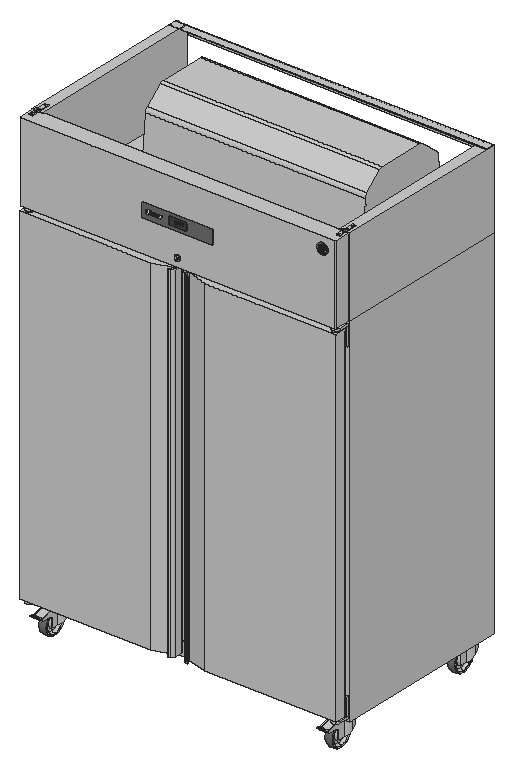
Revit family "QF_HOSHIZAKI_131142090", category Specialty Equipment, Revit 2016
Family settings
  Part Type = Normal
  Round Connector Dimension = Use Diameter
  OmniClass Number = 23.40.40.14
  OmniClass Title = Food Service Equipment
  Work Plane-Based = No
  Always vertical = Yes
  Cut with Voids When Loaded = No
  Shared = No
  Room Calculation Point = No
Parameters (values of type "131142090_230V/1Ph/50Hz")
  Weight = 183.00 kg
  Volts = 230 V
  URL Cutsheet = ""
  URL = "www.hoshizaki-europe.com"
  Status [instance] = ""
  Specification by User [instance] = ""
  Specification by Manufacturer [instance] = ""
  Serial Number = ""
  Seismic Rating = ""
  SMACNA No = ""
  Revision Code [instance] = ""
  Phase = 1
  Number of Poles = 2
  NAFEM Spec ID Number = ""
  Model = "ADVANCE K 140-4 C U"
  Min Ckt Ampacity = 0 A
  Max Overcurrent Protection = 0 A
  Masterspec = ""
  Manufacturer = "HOSHIZAKI"
  Length Actual = 1344 mm
  Item Number [instance] = ""
  Installed By [instance] = ""
  Identify Quantity as Lot [instance] = no
  Height Actual = 2000 mm
  HP power = ""
  Furnished By [instance] = ""
  Foodservice Equipment Identifier [instance] = yes
  FL Amps = 11.04 A
  Electric power = 2540 W
  Electric Connection Type [instance] = ""
  Elec Conn RI Height [instance] = 0 mm
  Elec Conn Connection Height [instance] = 1550 mm
  Description = "ADVANCE DOUBLE DOOR REFRIGERATOR, 2/1 GN DEEP, AISI430 STAINLESS STEEL EXTERIOR AND INTERIOR, HC NATURAL REFRIGERANT, CASTORS"
  Depth Actual = 830 mm
  Cycle = 50 Hz
  Cost = 0
  Conn Plug = ""
  Conn Conduit = no
  CSI MasterFormat = ""
  Assembly Code = "E1090320"
  Apparent Power = 2540 VA
  Accessory = no
Reference planes
  plane 1 "Center (Front/Back)": y = 0
  plane 2: z = 0
  plane 3 "Center (Left/Right)": x = 0
Forms (mm)
  Extrusion 1, solid, not visible
    sketch origin (1314, -2, 1674) x (1, 0, 0) y (0, 1, 0)
      loop
        line (0, 0) -> (2, 0) -> (2, 2) -> (0, 2) -> (0, 0)
    from 0 to 2
Dimensions and locks
  aligned and locked: level to plane 2
Nested families
  nested 1: "QF_HOSHIZAKI_131142090_230V_1Ph_50Hz" at (0, 0, 125), type "131142090_230V/1Ph/50Hz"
    with Show Logo yes, Show Clearance yes
  nested 2: "QF_HOSHIZAKI_PRE_ADV_CASTORS" at (0, 0, 0), type "760660022-1344X830"
Connectors
  electrical at (1315, 0, 1675), driven by "Apparent Power", driven by "Number of Poles", driven by "Volts"
    settings: on Extrusion 1, index 1, voltage 230 V, apparent load 0 VA, apparent load phase1 2540 VA, apparent load phase2 0 VA, apparent load phase3 0 VA, power factor 1, load classification "Other", number of poles 2, system type 31, power factor state 1, is connector primary yes, connector utility no, sub classification motor no, connector description "Electric connection for '131142090'"
Definition of nested family "QF_HOSHIZAKI_131142090_230V_1Ph_50Hz"
  Parameters (values of type "131142090_230V/1Ph/50Hz")
    URL = "www.hoshizaki-europe.com"
    Show Logo [instance] = yes
    Show Clearance [instance] = yes
    Model = "ADVANCE K 140-4 C U"
    Manufacturer = "HOSHIZAKI"
    Description = "ADVANCE DOUBLE DOOR REFRIGERATOR, 2/1 GN DEEP, AISI 304 STAINLESS STEEL EXTERIOR AND INTERIOR, HC NATURAL REFRIGERANT, CASTORS"
    Assembly Code = "E1090320"
  Types (6, lengths in mm): name | Model | Description
    131141070 | "ADVANCE K 140-4 L" | "ADVANCE DOUBLE DOOR REFRIGERATOR, 2/1 GN DEEP, AISI 304 STAINLESS STEEL EXTERIOR AND INTERIOR, HC NATURAL REFRIGERANT, LEGS"
    133141070 | "ADVANCE F 140-4 L" | "ADVANCE DOUBLE DOOR FREEZER, 2/1 DEEP, AISI 304 STAINLESS STEEL EXTERIOR AND INTERIOR, HC NATURAL REFRIGERANT, LEGS"
    123142070 | "ADVANCE F 140-3 C" | "ADVANCE DOUBLE DOOR FREEZER, 2/1 DEEP, AISI 403 STAINLESS STEEL EXTERIOR AND INTERIOR, HC NATURAL REFRIGERANT, CASTORS"
    131142090_230V/1Ph/50Hz | "ADVANCE K 140-4 C U" | "ADVANCE DOUBLE DOOR REFRIGERATOR, 2/1 GN DEEP, AISI 304 STAINLESS STEEL EXTERIOR AND INTERIOR, HC NATURAL REFRIGERANT, CASTORS"
    133142090 | "ADVANCE F 140-4 C U" | "ADVANCE DOUBLE DOOR FREEZER, 2/1 DEEP, AISI 304 STAINLESS STEEL EXTERIOR AND INTERIOR, HC NATURAL REFRIGERANT, CASTORS"
    12142070 | "ADVANCE K 140-3 C" | "ADVANCE DOUBLE DOOR REFRIGERATOR, 2/1 GN DEEP, AISI 403 STAINLESS STEEL EXTERIOR AND INTERIOR, HC NATURAL REFRIGERANT, CASTORS"
  Reference planes
    plane 1 "Back": y = 0
    plane 2: z = 0
    plane 3 "Left": x = 0
    plane 4 "Right": x = 1344
    plane 5 "Front": y = -830.03
    plane 6 "Top": z = 1850
  Forms (mm)
    Extrusion 1, solid
      sketch origin (653.43, 17.68, 1850) x (1, 0, 0) y (0, 1, 0)
        loop
          line (675.57, -773.038) -> (675.57, -726.21) -> (660.57, -726.21) -> (660.57, -773.038) -> (675.57, -773.038)
        loop
          circle (668.07, -734.247) r 1.711
        loop
          circle (668.07, -765.001) r 1.711
      from 0 to 2
    Extrusion 2, solid
      sketch origin (653.43, -41.179, 1850) x (1, 0, 0) y (0, 1, 0)
        loop
          line (675.57, -752.351) -> (675.57, -720.851) -> (660.57, -720.851) -> (660.57, -752.351) -> (675.57, -752.351)
        loop
          circle (668.07, -727.851) r 1.711
        loop
          circle (668.07, -745.351) r 1.711
      from 0 to 2
    Extrusion 3, solid
      sketch origin (1314, 17.68, -100.1) x (0, 1, 0) y (0, 0, 1)
        loop
          arc (-776.21, 1952.1) -> (-777.016, 1954.865) -> (-774.851, 1952.966) r 1.5
          line (-774.851, 1952.966) -> (-772.968, 1952.281)
          arc (-772.968, 1952.281) -> (-778.164, 1956.504) -> (-776.21, 1950.1) r 3.5
          line (-776.21, 1950.1) -> (-773.038, 1950.1) -> (-773.038, 1952.1) -> (-776.21, 1952.1)
      from 0 to 15
    Extrusion 4, solid
      sketch origin (-645.57, 17.68, 1850) x (1, 0, 0) y (0, 1, 0)
        loop
          line (675.57, -773.038) -> (675.57, -726.21) -> (660.57, -726.21) -> (660.57, -773.038) -> (675.57, -773.038)
        loop
          circle (668.07, -734.247) r 1.711
        loop
          circle (668.07, -765.001) r 1.711
      from 0 to 2
    Extrusion 5, solid
      sketch origin (-645.57, -41.179, 1850) x (1, 0, 0) y (0, 1, 0)
        loop
          line (675.57, -752.351) -> (675.57, -720.851) -> (660.57, -720.851) -> (660.57, -752.351) -> (675.57, -752.351)
        loop
          circle (668.07, -727.851) r 1.711
        loop
          circle (668.07, -745.351) r 1.711
      from 0 to 2
    Extrusion 6, solid
      sketch origin (15, 17.68, -100.1) x (0, 1, 0) y (0, 0, 1)
        loop
          arc (-776.21, 1952.1) -> (-777.016, 1954.865) -> (-774.851, 1952.966) r 1.5
          line (-774.851, 1952.966) -> (-772.968, 1952.281)
          arc (-772.968, 1952.281) -> (-778.164, 1956.504) -> (-776.21, 1950.1) r 3.5
          line (-776.21, 1950.1) -> (-773.038, 1950.1) -> (-773.038, 1952.1) -> (-776.21, 1952.1)
      from 0 to 15
    Extrusion 7, solid
      sketch origin (0, 0, -100) x (0, 1, 0) y (0, 0, 1)
        loop
          line (-760.03, 1617.5) -> (0, 1617.5) -> (0, 1948.5)
          arc (0, 1948.5) -> (-0.439, 1949.561) -> (-1.5, 1950) r 1.5
          line (-1.5, 1950) -> (-759.38, 1950)
          arc (-759.38, 1950) -> (-759.84, 1949.81) -> (-760.03, 1949.35) r 0.65
          line (-760.03, 1949.35) -> (-760.03, 1617.5)
      from 0 to 45
    Extrusion 8, solid
      sketch origin (1299, 0, -100) x (0, 1, 0) y (0, 0, 1)
        loop
          line (-760.03, 1617.5) -> (0, 1617.5) -> (0, 1948.5)
          arc (0, 1948.5) -> (-0.439, 1949.561) -> (-1.5, 1950) r 1.5
          line (-1.5, 1950) -> (-759.38, 1950)
          arc (-759.38, 1950) -> (-759.84, 1949.81) -> (-760.03, 1949.35) r 0.65
          line (-760.03, 1949.35) -> (-760.03, 1617.5)
      from 0 to 45
    Extrusion 9, solid
      sketch origin (0, 1.5, -100.1) x (0, 1, 0) y (0, 0, 1)
        loop
          line (-1.51, 1951.6) -> (-38.51, 1951.6) -> (-38.51, 1950.1) -> (-3, 1950.1)
          arc (-3, 1950.1) -> (-1.939, 1949.661) -> (-1.5, 1948.6) r 1.5
          line (-1.5, 1948.6) -> (-1.5, 1914.7) -> (0, 1914.7) -> (0, 1950.09)
          arc (0, 1950.09) -> (-0.442, 1951.158) -> (-1.51, 1951.6) r 1.51
      from 1.06 to 1343.06
    Extrusion 10, solid
      sketch origin (0, 17.57, 1849.9) x (1, 0, 0) y (0, 1, 0)
        loop
          line (4.5, -778.8) -> (4.5, -842.7)
          arc (4.5, -842.7) -> (5.935, -846.165) -> (9.4, -847.6) r 4.9
          line (9.4, -847.6) -> (1334.6, -847.6)
          arc (1334.6, -847.6) -> (1338.065, -846.165) -> (1339.5, -842.7) r 4.9
          line (1339.5, -842.7) -> (1339.5, -778.8)
          arc (1339.5, -778.8) -> (1339.149, -777.951) -> (1338.3, -777.6) r 1.2
          line (1338.3, -777.6) -> (5.7, -777.6)
          arc (5.7, -777.6) -> (4.851, -777.951) -> (4.5, -778.8) r 1.2
      from -332.4 to 0.1
    Extrusion 11, solid
      sketch origin (0, 0, -100) x (1, 0, 0) y (0, 0, 1)
        loop
          line (45, 1638.52) -> (45, 1617.5) -> (1299, 1617.5) -> (1299, 1638.52) -> (45, 1638.52)
      from 0 to 760.03
    Extrusion 12, solid
      sketch origin (0, 0, 0) x (1, 0, 0) y (0, 0, 1)
        loop
          line (0, 1517.5) -> (0, 0) -> (1344, 0) -> (1344, 1517.5) -> (0, 1517.5)
        loop
          line (60, 1457.5) -> (60, 60) -> (1284, 60) -> (1284, 1457.5) -> (60, 1457.5)
      from 0 to 760.03
    Extrusion 13, solid
      sketch origin (0, 0, 0) x (1, 0, 0) y (0, 0, 1)
        loop
          line (60, 60) -> (1284, 60) -> (1284, 1457.5) -> (60, 1457.5) -> (60, 60)
      from 0 to 45
    Extrusion 14, solid
      sketch origin (0, -660.03, 0) x (1, 0, 0) y (0, 0, 1)
        loop
          line (630, 1457.5) -> (630, 60) -> (714, 60) -> (714, 1457.5) -> (630, 1457.5)
      from 0 to 100
    Extrusion 15, solid
      sketch origin (672, -795.027, 27.1) x (-1, 0, 0) y (0, 0, -1)
        loop
          line (637.933, -1453.343) -> (637.933, -14.657) -> (53.047, -14.657) -> (53.047, -1453.343) -> (637.933, -1453.343)
        loop
          line (73.047, -1433.343) -> (617.933, -1433.343) -> (617.933, -34.657) -> (73.047, -34.657) -> (73.047, -1433.343)
      from -34.997 to -15.007
    Extrusion 16, solid
      sketch origin (686.75, -756.398, 1495.1) x (-1, 0, 0) y (0, -1, 0)
        loop
          line (646.35, 3.632) -> (678.35, 3.632) -> (678.35, 45.629)
          arc (678.35, 45.629) -> (662.35, 61.629) -> (646.35, 45.629) r 16
          line (646.35, 45.629) -> (646.35, 3.632)
        loop
          circle (662.35, 45.629) r 5
      from 2.9 to 9.9
    Extrusion 17, solid
      sketch origin (686.75, -757.401, -74.9) x (0, 1, 0) y (0, 0, -1)
        loop
          line (-9.129, -1500.199) -> (-9.129, -1572.9) -> (-2.629, -1572.9) -> (-2.629, -1493.9) -> (-4.629, -1493.9) -> (-9.129, -1500.199)
      from 646.35 to 678.35
    Extrusion 18, solid
      sketch origin (686.75, -756.398, 1495.1) x (-1, 0, 0) y (0, -1, 0)
        loop
          circle (662.35, 45.629) r 16
      from 0 to 2.9
    Extrusion 19, solid
      sketch origin (686.75, -756.398, 1495.1) x (-1, 0, 0) y (0, -1, 0)
        loop
          circle (662.35, 45.629) r 5
      from 0 to 9.9
    Extrusion 20, solid
      sketch origin (686.75, -756.398, 25.1) x (-1, 0, 0) y (0, -1, 0)
        loop
          line (602.25, 32.879) -> (677.25, 32.879) -> (677.25, 58.379) -> (602.25, 58.379) -> (602.25, 32.879)
        loop
          circle (636.875, 45.629) r 5
        loop
          circle (611.525, 45.629) r 5
      from 0 to 2
    Extrusion 21, solid
      sketch origin (686.75, -756.398, 7.1) x (0, 1, 0) y (-1, 0, 0)
        loop
          line (-3.632, 646.35) -> (-3.632, 678.35) -> (-45.629, 678.35)
          arc (-45.629, 678.35) -> (-61.629, 662.35) -> (-45.629, 646.35) r 16
          line (-45.629, 646.35) -> (-3.632, 646.35)
        loop
          circle (-45.629, 662.35) r 5
      from 2.9 to 9.9
    Extrusion 22, solid
      sketch origin (686.75, -757.401, 1589.9) x (0, 1, 0) y (0, 0, -1)
        loop
          line (-9.129, 1500.199) -> (-4.629, 1493.9) -> (-2.629, 1493.9) -> (-2.629, 1572.9) -> (-9.129, 1572.9) -> (-9.129, 1500.199)
      from 646.35 to 678.35
    Extrusion 23, solid
      sketch origin (686.75, -756.398, 9) x (0, 1, 0) y (-1, 0, 0)
        loop
          circle (-45.629, 662.35) r 5
      from 0 to 16.1
    Extrusion 24, solid
      sketch origin (774.882, -873.184, 27.1) x (-1, 0, 0) y (0, -1, 0)
        loop
          arc (769.772, -93.164) -> (770.203, -92.985) -> (770.382, -92.554) r 0.61
          line (770.382, -92.554) -> (770.382, -43.764)
          arc (770.382, -43.764) -> (770.203, -43.333) -> (769.772, -43.154) r 0.61
          line (769.772, -43.154) -> (216.079, -43.154) -> (127.057, -70.711) -> (127.057, -60.1)
          arc (127.057, -60.1) -> (129.536, -52.667) -> (135.929, -48.138) r 12.598
          line (135.929, -48.138) -> (143.363, -45.837)
          arc (143.363, -45.837) -> (143.923, -44.774) -> (142.86, -44.213) r 0.85
          line (142.86, -44.213) -> (135.209, -46.581)
          arc (135.209, -46.581) -> (128.081, -51.647) -> (125.349, -59.955) r 14
          line (125.349, -59.955) -> (125.349, -92.354)
          arc (125.349, -92.354) -> (125.586, -92.927) -> (126.159, -93.164) r 0.81
          line (126.159, -93.164) -> (769.772, -93.164)
      from 0 to 1468
    Extrusion 25, solid
      sketch origin (672, -795.027, 27.1) x (1, 0, 0) y (0, 0, 1)
        loop
          line (637.933, 1453.343) -> (53.047, 1453.343) -> (53.047, 14.657) -> (637.933, 14.657) -> (637.933, 1453.343)
        loop
          line (73.047, 1433.343) -> (73.047, 34.657) -> (617.933, 34.657) -> (617.933, 1433.343) -> (73.047, 1433.343)
      from -34.997 to -15.007
    Extrusion 26, solid
      sketch origin (657.25, -756.398, 1495.1) x (1, 0, 0) y (0, 1, 0)
        loop
          line (646.35, -3.632) -> (646.35, -45.629)
          arc (646.35, -45.629) -> (662.35, -61.629) -> (678.35, -45.629) r 16
          line (678.35, -45.629) -> (678.35, -3.632) -> (646.35, -3.632)
        loop
          circle (662.35, -45.629) r 5
      from 2.9 to 9.9
    Extrusion 27, solid
      sketch origin (657.25, -757.401, -74.9) x (0, 1, 0) y (0, 0, 1)
        loop
          line (-9.129, 1500.199) -> (-4.629, 1493.9) -> (-2.629, 1493.9) -> (-2.629, 1572.9) -> (-9.129, 1572.9) -> (-9.129, 1500.199)
      from 646.35 to 678.35
    Extrusion 28, solid
      sketch origin (657.25, -756.398, 1495.1) x (1, 0, 0) y (0, 1, 0)
        loop
          circle (662.35, -45.629) r 16
      from 0 to 2.9
    Extrusion 29, solid
      sketch origin (657.25, -756.398, 1495.1) x (1, 0, 0) y (0, 1, 0)
        loop
          circle (662.35, -45.629) r 5
      from 0 to 9.9
    Extrusion 30, solid
      sketch origin (657.25, -756.398, 25.1) x (1, 0, 0) y (0, 1, 0)
        loop
          line (602.25, -32.879) -> (602.25, -58.379) -> (677.25, -58.379) -> (677.25, -32.879) -> (602.25, -32.879)
        loop
          circle (636.875, -45.629) r 5
        loop
          circle (611.525, -45.629) r 5
      from 0 to 2
    Extrusion 31, solid
      sketch origin (657.25, -756.398, 7.1) x (0, -1, 0) y (1, 0, 0)
        loop
          line (3.632, 646.35) -> (45.629, 646.35)
          arc (45.629, 646.35) -> (61.629, 662.35) -> (45.629, 678.35) r 16
          line (45.629, 678.35) -> (3.632, 678.35) -> (3.632, 646.35)
        loop
          circle (45.629, 662.35) r 5
      from 2.9 to 9.9
    Extrusion 32, solid
      sketch origin (657.25, -757.401, 1589.9) x (0, 1, 0) y (0, 0, 1)
        loop
          line (-9.129, -1500.199) -> (-9.129, -1572.9) -> (-2.629, -1572.9) -> (-2.629, -1493.9) -> (-4.629, -1493.9) -> (-9.129, -1500.199)
      from 646.35 to 678.35
    Extrusion 33, solid
      sketch origin (657.25, -756.398, 9) x (0, -1, 0) y (1, 0, 0)
        loop
          circle (45.629, 662.35) r 5
      from 0 to 16.1
    Extrusion 34, solid
      sketch origin (569.118, -873.184, 27.1) x (1, 0, 0) y (0, 1, 0)
        loop
          line (769.772, 93.164) -> (126.159, 93.164)
          arc (126.159, 93.164) -> (125.586, 92.927) -> (125.349, 92.354) r 0.81
          line (125.349, 92.354) -> (125.349, 59.955)
          arc (125.349, 59.955) -> (128.081, 51.647) -> (135.209, 46.581) r 14
          line (135.209, 46.581) -> (142.86, 44.213)
          arc (142.86, 44.213) -> (143.923, 44.774) -> (143.363, 45.837) r 0.85
          line (143.363, 45.837) -> (135.929, 48.138)
          arc (135.929, 48.138) -> (129.536, 52.667) -> (127.057, 60.1) r 12.598
          line (127.057, 60.1) -> (127.057, 70.711) -> (216.079, 43.154) -> (769.772, 43.154)
          arc (769.772, 43.154) -> (770.203, 43.333) -> (770.382, 43.764) r 0.61
          line (770.382, 43.764) -> (770.382, 92.554)
          arc (770.382, 92.554) -> (770.203, 92.985) -> (769.772, 93.164) r 0.61
      from 0 to 1468
    Extrusion 35, solid
      sketch origin (-12.78, 0, -100) x (0, 1, 0) y (0, 0, 1)
        loop
          arc (-113.281, 1932.651) -> (-120.8, 1936.992) -> (-129.35, 1938.5) r 25
          line (-129.35, 1938.5) -> (-324.65, 1938.5)
          arc (-324.65, 1938.5) -> (-333.2, 1936.992) -> (-340.719, 1932.651) r 25
          line (-340.719, 1932.651) -> (-408.922, 1875.423)
          arc (-408.922, 1875.423) -> (-415.027, 1867.815) -> (-417.757, 1858.45) r 25
          line (-417.757, 1858.45) -> (-436.998, 1638.52) -> (-17.002, 1638.52) -> (-36.243, 1858.45)
          arc (-36.243, 1858.45) -> (-38.973, 1867.815) -> (-45.078, 1875.423) r 25
          line (-45.078, 1875.423) -> (-113.281, 1932.651)
      from 219.97 to 1149.59
    Extrusion 36, solid, visible <- "Show Logo"
      sketch origin (1743.884, -828.53, -60.1) x (-1, 0, 0) y (0, 0, -1)
        loop
          circle (459.884, -1862.5) r 13.99
      from 0 to 2.5
    Extrusion 37, solid, visible <- "Show Logo"
      sketch origin (1743.884, -829.03, -60.1) x (-1, 0, 0) y (0, 0, -1)
        loop
          circle (459.884, -1862.5) r 15
        loop
          arc (446.884, -1862.5) -> (460.705, -1875.474) -> (472.781, -1860.863) r 13
          line (472.781, -1860.863) -> (470.355, -1858.437) -> (469.346, -1862.201) -> (466.355, -1863.928) -> (465.024, -1865.26) -> (463.375, -1865.26) -> (462.04, -1870.241) -> (457.755, -1870.241) -> (459.339, -1867.979) -> (460.402, -1864.014) -> (461.224, -1860.945) -> (462.416, -1856.497) -> (461.216, -1855.297) -> (459.433, -1857.843) -> (455.784, -1851.523) -> (460.361, -1851.523) -> (461.471, -1853.446) -> (469.213, -1853.446)
          arc (469.213, -1853.446) -> (460.394, -1849.51) -> (451.293, -1852.743) r 13
          line (451.293, -1852.743) -> (455.577, -1853.891) -> (453.752, -1856.497) -> (455.349, -1856.497) -> (454.477, -1866.459) -> (452.538, -1866.459) -> (446.884, -1862.5)
        loop
          line (447.853, -1857.467) -> (452.313, -1861.926) -> (450.144, -1853.891)
          arc (450.144, -1853.891) -> (448.878, -1855.602) -> (447.853, -1857.467) r 15.828
        loop
          line (463.583, -1862.877) -> (466.64, -1862.399) -> (464.901, -1861.285) -> (463.583, -1857.664) -> (463.583, -1862.877)
        loop
          line (464.827, -1855.979) -> (468.296, -1856.908) -> (469.573, -1854.916) -> (468.881, -1854.224) -> (467.914, -1855.035) -> (464.827, -1855.979)
        loop
          line (462.609, -1872.307) -> (462.609, -1874.009) -> (464.927, -1873.388) -> (462.609, -1872.307)
        loop
          line (460.361, -1874.662) -> (459.594, -1873.335) -> (460.801, -1872.638) -> (459.186, -1872.205) -> (458.298, -1874.11) -> (460.361, -1874.662)
        loop
          line (459.623, -1846.783) -> (460.706, -1845.701) -> (462.247, -1845.701) -> (461.191, -1844.645) -> (461.503, -1842.874) -> (459.623, -1843.959) -> (457.743, -1842.874) -> (458.055, -1844.645) -> (456.999, -1845.701) -> (458.54, -1845.701) -> (459.623, -1846.783)
        loop
          line (446.86, -1853.7) -> (446.594, -1852.191) -> (447.478, -1850.929) -> (446.007, -1851.188) -> (444.736, -1849.917) -> (444.547, -1852.08) -> (442.579, -1852.997) -> (444.209, -1853.757) -> (444.468, -1855.228) -> (445.352, -1853.965) -> (446.86, -1853.7)
        loop
          line (452.395, -1848.68) -> (452.856, -1847.219) -> (454.223, -1846.508) -> (452.799, -1846.059) -> (452.258, -1844.344) -> (451.091, -1846.175) -> (448.922, -1846.08) -> (450.017, -1847.507) -> (449.568, -1848.931) -> (450.935, -1848.219) -> (452.395, -1848.68)
        loop
          line (472.909, -1853.7) -> (474.417, -1853.965) -> (475.301, -1855.228) -> (475.56, -1853.757) -> (477.19, -1852.997) -> (475.222, -1852.08) -> (475.033, -1849.917) -> (473.761, -1851.188) -> (472.291, -1850.929) -> (473.175, -1852.191) -> (472.909, -1853.7)
        loop
          line (467.374, -1848.68) -> (468.834, -1848.219) -> (470.201, -1848.931) -> (469.752, -1847.507) -> (470.847, -1846.08) -> (468.678, -1846.175) -> (467.511, -1844.344) -> (466.97, -1846.059) -> (465.546, -1846.508) -> (466.913, -1847.219) -> (467.374, -1848.68)
      from 0 to 2.5
    Extrusion 38, solid, visible <- "Show Logo"
      sketch origin (1743.884, -829.03, -60.1) x (-1, 0, 0) y (0, 0, -1)
        loop
          line (462.609, -1874.009) -> (462.609, -1872.307) -> (462.085, -1870.241) -> (457.755, -1870.241) -> (459.339, -1867.979) -> (462.416, -1856.497) -> (461.216, -1855.297) -> (459.433, -1857.843) -> (455.808, -1851.565) -> (453.948, -1851.565) -> (455.577, -1853.891) -> (454.477, -1866.459) -> (456.345, -1871.339)
          arc (456.345, -1871.339) -> (456.868, -1874.025) -> (459.213, -1875.435) r 3.366
          arc (459.213, -1875.435) -> (460.198, -1875.496) -> (461.183, -1875.435) r 8.046
          line (461.183, -1875.435) -> (462.609, -1874.009)
        loop
          line (456.854, -1851.523) -> (460.361, -1851.523) -> (460.916, -1852.485) -> (462.702, -1852.485) -> (463.779, -1851.407) -> (460.623, -1851.407) -> (461.563, -1850.468) -> (456.245, -1850.468) -> (456.854, -1851.523)
        loop
          line (460.361, -1874.662) -> (459.594, -1873.335) -> (460.801, -1872.638) -> (459.186, -1872.205) -> (458.298, -1874.11) -> (460.361, -1874.662)
      from 0 to 2.5
    Extrusion 39, solid, visible <- "Show Logo"
      sketch origin (1729.5, -828.53, 1238.8) x (-1, 0, 0) y (0, 0, -1)
        loop
          circle (445.5, -563.6) r 22.5
      from 0 to 2
    Extrusion 40, solid
      sketch origin (964.076, -828.53, -100.11) x (1, 0, 0) y (0, 0, 1)
        loop
          arc (-147.076, 1752.13) -> (-143.541, 1753.594) -> (-142.076, 1757.13) r 5
          line (-142.076, 1757.13) -> (-142.076, 1807.13)
          arc (-142.076, 1807.13) -> (-143.541, 1810.666) -> (-147.076, 1812.13) r 5
          line (-147.076, 1812.13) -> (-437.076, 1812.13)
          arc (-437.076, 1812.13) -> (-440.612, 1810.666) -> (-442.076, 1807.13) r 5
          line (-442.076, 1807.13) -> (-442.076, 1757.13)
          arc (-442.076, 1757.13) -> (-440.612, 1753.594) -> (-437.076, 1752.13) r 5
          line (-437.076, 1752.13) -> (-147.076, 1752.13)
        loop
          line (-329.576, 1792.63) -> (-329.576, 1771.63)
          arc (-329.576, 1771.63) -> (-327.819, 1767.387) -> (-323.576, 1765.63) r 6
          line (-323.576, 1765.63) -> (-260.576, 1765.63)
          arc (-260.576, 1765.63) -> (-256.334, 1767.387) -> (-254.576, 1771.63) r 6
          line (-254.576, 1771.63) -> (-254.576, 1792.63)
          arc (-254.576, 1792.63) -> (-256.334, 1796.873) -> (-260.576, 1798.63) r 6
          line (-260.576, 1798.63) -> (-323.576, 1798.63)
          arc (-323.576, 1798.63) -> (-327.819, 1796.873) -> (-329.576, 1792.63) r 6
      from 0 to 2
    Extrusion 41, solid
      sketch origin (964.076, -828.53, -100.11) x (1, 0, 0) y (0, 0, 1)
        loop
          arc (-323.576, 1798.63) -> (-327.819, 1796.873) -> (-329.576, 1792.63) r 6
          line (-329.576, 1792.63) -> (-329.576, 1771.63)
          arc (-329.576, 1771.63) -> (-327.819, 1767.387) -> (-323.576, 1765.63) r 6
          line (-323.576, 1765.63) -> (-260.576, 1765.63)
          arc (-260.576, 1765.63) -> (-256.334, 1767.387) -> (-254.576, 1771.63) r 6
          line (-254.576, 1771.63) -> (-254.576, 1792.63)
          arc (-254.576, 1792.63) -> (-256.334, 1796.873) -> (-260.576, 1798.63) r 6
          line (-260.576, 1798.63) -> (-323.576, 1798.63)
      from 0 to 2
    Extrusion 42, solid
      sketch origin (964.076, -829.03, -100.11) x (1, 0, 0) y (0, 0, 1)
        loop
          line (-298.911, 1787.691) -> (-298.115, 1788.439) -> (-298.929, 1789.206) -> (-304.501, 1789.206) -> (-305.3, 1788.422) -> (-304.534, 1787.691) -> (-298.911, 1787.691)
        loop
          line (-296.938, 1787.449) -> (-297.831, 1788.111) -> (-298.725, 1787.449) -> (-298.725, 1783.432) -> (-297.831, 1782.769) -> (-296.938, 1783.432) -> (-296.938, 1787.449)
        loop
          line (-298.911, 1777.181) -> (-304.534, 1777.181) -> (-305.3, 1776.45) -> (-304.501, 1775.666) -> (-298.929, 1775.666) -> (-298.115, 1776.432) -> (-298.911, 1777.181)
        loop
          line (-296.938, 1777.423) -> (-296.938, 1781.44) -> (-297.831, 1782.103) -> (-298.725, 1781.44) -> (-298.725, 1777.423) -> (-297.831, 1776.761) -> (-296.938, 1777.423)
        loop
          line (-298.911, 1783.189) -> (-304.534, 1783.189) -> (-305.3, 1782.459) -> (-304.501, 1781.675) -> (-298.929, 1781.675) -> (-298.115, 1782.441) -> (-298.911, 1783.189)
        loop
          line (-270.911, 1787.691) -> (-270.115, 1788.439) -> (-270.929, 1789.206) -> (-276.501, 1789.206) -> (-277.3, 1788.422) -> (-276.534, 1787.691) -> (-270.911, 1787.691)
        loop
          line (-268.938, 1787.449) -> (-269.831, 1788.111) -> (-270.725, 1787.449) -> (-270.725, 1783.432) -> (-269.831, 1782.769) -> (-268.938, 1783.432) -> (-268.938, 1787.449)
        loop
          line (-268.938, 1777.423) -> (-268.938, 1781.44) -> (-269.831, 1782.103) -> (-270.725, 1781.44) -> (-270.725, 1777.423) -> (-269.831, 1776.761) -> (-268.938, 1777.423)
        loop
          line (-294.968, 1776.333) -> (-293.829, 1775.386) -> (-292.676, 1776.348) -> (-293.829, 1777.28) -> (-294.968, 1776.333)
        loop
          line (-282.911, 1777.226) -> (-288.534, 1777.226) -> (-289.3, 1776.496) -> (-288.501, 1775.712) -> (-282.929, 1775.712) -> (-282.115, 1776.478) -> (-282.911, 1777.226)
        loop
          line (-280.938, 1777.469) -> (-280.938, 1781.486) -> (-281.831, 1782.148) -> (-282.725, 1781.486) -> (-282.725, 1777.469) -> (-281.831, 1776.806) -> (-280.938, 1777.469)
        loop
          line (-282.911, 1787.737) -> (-282.115, 1788.485) -> (-282.929, 1789.251) -> (-288.501, 1789.251) -> (-289.3, 1788.467) -> (-288.534, 1787.737) -> (-282.911, 1787.737)
        loop
          line (-280.938, 1787.494) -> (-281.831, 1788.157) -> (-282.725, 1787.494) -> (-282.725, 1783.477) -> (-281.831, 1782.815) -> (-280.938, 1783.477) -> (-280.938, 1787.494)
        loop
          line (-282.911, 1781.728) -> (-282.115, 1782.476) -> (-282.929, 1783.243) -> (-288.501, 1783.243) -> (-289.3, 1782.459) -> (-288.534, 1781.728) -> (-282.911, 1781.728)
        loop
          line (-290.492, 1787.494) -> (-290.492, 1783.477) -> (-289.599, 1782.815) -> (-288.705, 1783.477) -> (-288.705, 1787.494) -> (-289.599, 1788.157) -> (-290.492, 1787.494)
      from 0 to 2
    Revolve 43, solid
      sketch origin (672, 917.57, -100.11) x (0, 1, 0) y (0, 0, 1)
        loop
          line (-1752.6, 1652.1) -> (-1747.6, 1652.1) -> (-1747.6, 1662.634)
          arc (-1747.6, 1662.634) -> (-1748.329, 1663.731) -> (-1749.631, 1663.534) r 1.226
          line (-1749.631, 1663.534) -> (-1752.6, 1660.565) -> (-1752.6, 1652.1)
        axis (-1747.6, 1652.1) -> (-1752.6, 1652.1)
      angle from 0 to 360
    Extrusion 44, void
      sketch origin (-473.06, -833.53, -101.61) x (1, 0, 0) y (0, 0, 1)
        loop
          line (1143.96, 1657.815) -> (1143.96, 1649.385) -> (1146.16, 1649.385) -> (1146.16, 1657.815) -> (1143.96, 1657.815)
      from -1.469 to 2
    Extrusion 45, solid, visible <- "Show Logo"
      sketch origin (1132.623, -829.03, -98.186) x (1, 0, 0) y (0, 0, 1)
        loop
          line (-574.302, 1788.729) -> (-583.131, 1788.729)
          arc (-583.131, 1788.729) -> (-589.303, 1787.599) -> (-594.673, 1784.355) r 17.416
          arc (-594.673, 1784.355) -> (-596.462, 1781.094) -> (-595.769, 1777.439) r 5.506
          arc (-595.769, 1777.439) -> (-593.146, 1774.866) -> (-589.587, 1773.956) r 7.07
          line (-589.587, 1773.956) -> (-587.25, 1773.956) -> (-588.248, 1771.34) -> (-581.613, 1771.34) -> (-580.432, 1773.956) -> (-571.398, 1773.956) -> (-569.064, 1779.592) -> (-566.746, 1773.956) -> (-559.715, 1773.956) -> (-557.728, 1776.29) -> (-552.838, 1776.29) -> (-551.953, 1773.956) -> (-545.563, 1773.956) -> (-543.121, 1779.778) -> (-540.707, 1773.914) -> (-533.897, 1779.586) -> (-536.239, 1773.956) -> (-530.603, 1773.956) -> (-526.429, 1784.233) -> (-531.941, 1784.233) -> (-537.329, 1779.747) -> (-539.135, 1784.233) -> (-544.054, 1784.233) -> (-547.268, 1776.58) -> (-550.408, 1784.233) -> (-554.271, 1784.233) -> (-561.118, 1776.477) -> (-561.995, 1776.477) -> (-562.958, 1778.877)
          arc (-562.958, 1778.877) -> (-561.217, 1779.568) -> (-560.011, 1781.001) r 3.84
          arc (-560.011, 1781.001) -> (-560.124, 1783.171) -> (-562.025, 1784.225) r 2.241
          line (-562.025, 1784.225) -> (-573.005, 1784.225) -> (-576.227, 1776.507) -> (-579.37, 1776.507) -> (-576.183, 1784.227) -> (-585.103, 1784.227) -> (-586.099, 1781.742) -> (-583.981, 1781.742) -> (-586.194, 1776.345)
          arc (-586.194, 1776.345) -> (-588.764, 1776.925) -> (-590.188, 1779.141) r 3.476
          arc (-590.188, 1779.141) -> (-590.046, 1780.636) -> (-589.587, 1782.064) r 6.962
          arc (-589.587, 1782.064) -> (-587.018, 1785.071) -> (-583.227, 1786.194) r 6.962
          line (-583.227, 1786.194) -> (-575.446, 1786.194) -> (-574.302, 1788.729)
        loop
          line (-568.201, 1781.677) -> (-568.99, 1779.771) -> (-567.006, 1779.771)
          arc (-567.006, 1779.771) -> (-565.95, 1780.209) -> (-565.513, 1781.264) r 1.493
          arc (-565.513, 1781.264) -> (-565.795, 1781.565) -> (-566.192, 1781.677) r 0.765
          line (-566.192, 1781.677) -> (-568.201, 1781.677)
        loop
          line (-554.482, 1780.63) -> (-556.797, 1778.007) -> (-553.488, 1778.007) -> (-554.482, 1780.63)
      from 0 to 2
    Extrusion 46, solid, visible <- "Show Clearance", detail levels coarse
      sketch origin (0.016, -760.03, 0) x (1, 0, 0) y (0, 1, 0)
        loop
          line (4.5, -70) -> (4.5, -715)
          arc (4.5, -715) -> (460.584, -526.084) -> (649.5, -70) r 645
          line (649.5, -70) -> (4.5, -70)
      from 27.1 to 1495.1
    Extrusion 47, solid, visible <- "Show Clearance", detail levels coarse
      sketch origin (1343.984, -760.03, 0) x (-1, 0, 0) y (0, -1, 0)
        loop
          line (4.5, 70) -> (649.5, 70)
          arc (649.5, 70) -> (460.584, 526.084) -> (4.5, 715) r 645
          line (4.5, 715) -> (4.5, 70)
      from 27.1 to 1495.1
  Cuts and joins
    joined: Extrusion 12, Extrusion 13
    Extrusion 44 cuts Revolve 43
  Lines and regions (mm)
    symbolic lines
      curve 1: line (0, 0, 0) -> (0, -760.03, 0)
      curve 2: line (1344, -760.03, 0) -> (1344, 0, 0)
      curve 3: line (5.11, -830.03, 0) -> (1338.89, -830.03, 0)
      curve 4: line (1344, 0, 0) -> (0, 0, 0)
      curve 5: line (207.19, -37.01, 0) -> (207.19, -436.998, 0)
      curve 6: line (207.19, -436.998, 0) -> (1136.81, -436.998, 0)
      curve 7: line (1136.81, -436.998, 0) -> (1136.81, -37.01, 0)
      curve 8: line (1299, -37.01, 0) -> (1299, -760.03, 0)
      curve 9: line (45, -760.03, 0) -> (45, -37.01, 0)
      curve 10: line (0, -37.01, 0) -> (1344, -37.01, 0)
      curve 11: line (1344, -760.03, 0) -> (0, -760.03, 0)
      curve 12: line (1339.5, -829.42, 0) -> (1339.5, -761.23, 0)
      curve 13: line (4.5, -761.23, 0) -> (4.5, -829.42, 0)
      curve 14: arc (5.7, -760.03, 0) -> (4.851, -760.381, 0) -> (4.5, -761.23, 0) r 1.2
      curve 15: arc (1339.5, -761.23, 0) -> (1339.149, -760.381, 0) -> (1338.3, -760.03, 0) r 1.2
      curve 20: arc (4.5, -829.42, 0) -> (4.679, -829.851, 0) -> (5.11, -830.03, 0) r 0.61
      curve 21: arc (1338.89, -830.03, 0) -> (1339.321, -829.851, 0) -> (1339.5, -829.42, 0) r 0.61
    symbolic lines, visible <- "Show Clearance"
      curve 16: arc (4.516, -1475.03, 0) -> (460.6, -1286.114, 0) -> (649.516, -830.03, 0) r 645
      curve 17: line (4.516, -830.03, 0) -> (4.516, -1475.03, 0)
      curve 18: arc (1339.484, -1475.03, 0) -> (883.4, -1286.114, 0) -> (694.484, -830.03, 0) r 645
      curve 19: line (1339.484, -830.03, 0) -> (1339.484, -1475.03, 0)
  Dimensions and locks
    plane 4 "Right" to plane 3 "Left" = 1344 mm
    plane 6 "Top" to level = 1850 mm  (x2)
    plane 3 "Left" to plane 4 "Right" = 1344 mm
    plane 5 "Front" to plane 1 "Back" = 830.03 mm
    plane 1 "Back" to plane 5 "Front" = 830.03 mm
    aligned and locked: level to plane 2
Definition of nested family "QF_HOSHIZAKI_PRE_ADV_CASTORS"
  Parameters (values of type "760660022-1344X830")
    Weight [instance] = 0.00 kg
    URL Cutsheet [instance] = ""
    URL = "www.hoshizaki-europe.com"
    Status [instance] = ""
    Specification by User [instance] = ""
    Specification by Manufacturer [instance] = ""
    Serial Number [instance] = ""
    Seismic Rating [instance] = ""
    SMACNA No [instance] = ""
    Right offset = 67 mm
    Revision Code [instance] = ""
    Rear offset = 58 mm
    NAFEM Spec ID Number [instance] = ""
    Model = "C1"
    Masterspec [instance] = ""
    Manufacturer = "HOSHIZAKI"
    Length Actual [instance] = 1344 mm
    Length = 1344 mm
    Left offset = 67 mm
    Item Number [instance] = ""
    Installed By [instance] = ""
    Identify Quantity as Lot [instance] = no
    Height Actual [instance] = 125 mm
    Furnished By [instance] = ""
    Front offset = 125 mm
    Foodservice Equipment Identifier [instance] = no
    Description = "SET OF CASTORS 125 MM"
    Depth Actual [instance] = 830 mm
    Depth = 830 mm
    Cost = 0
    CSI MasterFormat [instance] = ""
    Assembly Code = "E1090320"
    Accessory [instance] = yes
  Reference planes
    plane 1 "Back": y = 0
    plane 2: z = 0
    plane 3 "Left": x = 0
    plane 4 "Right": x = 1344
    plane 5 "Front": y = -830
    plane 6 "Top": z = 125
    plane 7 "Central": x = 672
    plane 8 "Left side castors": x = 67
    plane 9 "Right side castors": x = 1277
    plane 10: y = -58
    plane 11: y = -705
  Dimensions and locks
    "Length": plane 3 "Left" to plane 4 "Right"
    "Depth": plane 1 "Back" to plane 5 "Front"
    plane 6 "Top" to plane 2 = 125 mm
    equal spacing: plane 3 "Left", plane 7 "Central", plane 4 "Right"
    "Left offset": plane 3 "Left" to plane 8 "Left side castors"
    "Right offset": plane 9 "Right side castors" to plane 4 "Right"
    "Rear offset": plane 10 to plane 1 "Back"
    "Front offset": plane 11 to plane 5 "Front"
    aligned and locked: level to plane 2
    aligned and locked: nested 1 to plane 11
    aligned and locked: nested 2 to plane 11
    aligned and locked: nested 2 to plane 9 "Right side castors"
    aligned and locked: nested 1 to plane 8 "Left side castors"
    aligned and locked: nested 3 to plane 8 "Left side castors"
    aligned and locked: nested 4 to plane 9 "Right side castors"
    aligned and locked: nested 3 to plane 10
    aligned and locked: nested 4 to plane 10
  Nested families
    nested 1: "QF_ATOSA_CASTORS_BRAKES" at (67, -705, 0), type "CASTORS WITH BRAKES"
    nested 2: "QF_ATOSA_CASTORS_BRAKES" at (1277, -705, 0), type "CASTORS WITH BRAKES"
    nested 3: "QF_ATOSA_CASTORS_WITHOUT_BRAKES" at (67, -58, 0), type "CASTORS"
    nested 4: "QF_ATOSA_CASTORS_WITHOUT_BRAKES" at (1277, -58, 0), type "CASTORS"
  Definition of nested family "QF_ATOSA_CASTORS_BRAKES"
    Reference planes
      plane 1 "Center (Front/Back)": y = 0
      plane 2: z = 0
      plane 3 "Center (Left/Right)": x = 0
    Forms (mm)
      Extrusion 1, solid
        sketch origin (-20.685, -138.446, 9.74) x (0, 1, 0) y (0, 0, 1)
          loop
            arc (82.446, 39.255) -> (85.375, 32.184) -> (92.446, 29.255) r 10
            arc (92.446, 29.255) -> (99.905, 29.776) -> (107.221, 31.328) r 53.702
            line (107.221, 31.328) -> (107.221, 99.255) -> (83.819, 99.255)
            arc (83.819, 99.255) -> (82.458, 99.162) -> (81.123, 98.885) r 10
            line (81.123, 98.885) -> (33.906, 85.664)
            arc (33.906, 85.664) -> (32.852, 84.947) -> (32.446, 83.738) r 2
            line (32.446, 83.738) -> (32.446, 81.179)
            arc (32.446, 81.179) -> (33.888, 77.697) -> (37.369, 76.255) r 4.923
            line (37.369, 76.255) -> (72.446, 76.255)
            arc (72.446, 76.255) -> (79.517, 73.326) -> (82.446, 66.255) r 10
            line (82.446, 66.255) -> (82.446, 39.255)
        from 0 to 3
      Extrusion 2, solid
        sketch origin (-99.985, -138.446, 20.165) x (0, 1, 0) y (0, 0, 1)
          loop
            line (32.761, 70.841) -> (82.995, 84.83) -> (107.221, 84.83) -> (107.221, 86.83) -> (82.72, 86.83) -> (32.631, 72.805)
            arc (32.631, 72.805) -> (30.574, 74.383) -> (28.997, 76.439) r 9.928
            line (28.997, 76.439) -> (27.573, 78.904)
            arc (27.573, 78.904) -> (23.913, 82.565) -> (18.913, 83.904) r 10
            line (18.913, 83.904) -> (11.985, 83.904) -> (11.985, 81.904) -> (17.758, 81.904)
            arc (17.758, 81.904) -> (22.233, 80.83) -> (25.732, 77.841) r 9.856
            line (25.732, 77.841) -> (27.248, 75.467)
            arc (27.248, 75.467) -> (29.65, 72.732) -> (32.761, 70.841) r 12.007
        from 82.3 to 117.67
      Extrusion 3, solid
        sketch origin (147.062, -94.25, 0) x (1, 0, 0) y (0, 1, 0)
          loop
            line (-114.562, 143.5) -> (-179.562, 143.5)
            arc (-179.562, 143.5) -> (-186.633, 140.571) -> (-189.562, 133.5) r 10
            line (-189.562, 133.5) -> (-189.562, 55)
            arc (-189.562, 55) -> (-186.633, 47.929) -> (-179.562, 45) r 10
            line (-179.562, 45) -> (-114.562, 45)
            arc (-114.562, 45) -> (-107.491, 47.929) -> (-104.562, 55) r 10
            line (-104.562, 55) -> (-104.562, 133.5)
            arc (-104.562, 133.5) -> (-107.491, 140.571) -> (-114.562, 143.5) r 10
        from 121.995 to 125
      Extrusion 4, solid
        sketch origin (147.062, -199.25, 0) x (1, 0, 0) y (0, 1, 0)
          loop
            circle (-147.062, 199.25) r 35
          loop
            circle (-147.062, 199.25) r 36.985
        from 20.063 to 121.995
      Extrusion 5, void
        sketch origin (147.062, -398.5, 0) x (0, 1, 0) y (0, 0, 1)
          loop
            line (441.93, 119.401) -> (385.135, 52.666)
            arc (385.135, 52.666) -> (376.943, 45.73) -> (367.275, 41.068) r 42.492
            arc (367.275, 41.068) -> (359.96, 39.516) -> (352.5, 38.995) r 53.702
            line (352.5, 38.995) -> (352.5, 14.696) -> (441.93, 14.696) -> (441.93, 119.401)
        from -189.562 to -104.562
      Revolve 6, solid
        sketch origin (147.062, -35.929, 0) x (1, 0, 0) y (0, 0, 1)
          loop
            line (-164.747, 48.995) -> (-129.377, 48.995) -> (-129.377, 58.995) -> (-131.562, 58.995)
            arc (-131.562, 58.995) -> (-140.754, 62.803) -> (-144.562, 71.995) r 13
            line (-144.562, 71.995) -> (-144.562, 81.557)
            arc (-144.562, 81.557) -> (-141.634, 88.625) -> (-134.566, 91.552) r 9.996
            line (-134.566, 91.552) -> (-131.562, 91.552) -> (-131.562, 93.552) -> (-162.562, 93.552) -> (-162.562, 91.552) -> (-159.557, 91.552)
            arc (-159.557, 91.552) -> (-152.489, 88.625) -> (-149.562, 81.557) r 9.996
            line (-149.562, 81.557) -> (-149.562, 71.995)
            arc (-149.562, 71.995) -> (-153.369, 62.803) -> (-162.562, 58.995) r 13
            line (-162.562, 58.995) -> (-164.747, 58.995) -> (-164.747, 48.995)
          axis (-164.747, 48.995) -> (-129.377, 48.995)
        angle from 0 to 360
      Revolve 7, solid
        sketch origin (147.062, -35.929, 0) x (1, 0, 0) y (0, 0, 1)
          loop
            line (-162.562, 4.438) -> (-162.562, 2.474)
            arc (-162.562, 2.474) -> (-147.062, 0) -> (-131.562, 2.474) r 49.793
            line (-131.562, 2.474) -> (-131.562, 4.438) -> (-162.562, 4.438)
          axis (-162.562, 48.995) -> (-131.562, 48.995)
        angle from 0 to 360
      Extrusion 8, solid
        sketch origin (17.685, -138.446, 9.74) x (0, 1, 0) y (0, 0, 1)
          loop
            arc (82.446, 39.255) -> (85.375, 32.184) -> (92.446, 29.255) r 10
            arc (92.446, 29.255) -> (99.905, 29.776) -> (107.221, 31.328) r 53.702
            line (107.221, 31.328) -> (107.221, 99.255) -> (83.819, 99.255)
            arc (83.819, 99.255) -> (82.458, 99.162) -> (81.123, 98.885) r 10
            line (81.123, 98.885) -> (33.906, 85.664)
            arc (33.906, 85.664) -> (32.852, 84.947) -> (32.446, 83.738) r 2
            line (32.446, 83.738) -> (32.446, 81.179)
            arc (32.446, 81.179) -> (33.888, 77.697) -> (37.369, 76.255) r 4.923
            line (37.369, 76.255) -> (72.446, 76.255)
            arc (72.446, 76.255) -> (79.517, 73.326) -> (82.446, 66.255) r 10
            line (82.446, 66.255) -> (82.446, 39.255)
        from 0 to 3
      Extrusion 9, solid
        sketch origin (-17.685, -138.446, 9.74) x (0, 1, 0) y (0, 0, 1)
          loop
            line (81.123, 98.885) -> (33.906, 85.664)
            arc (33.906, 85.664) -> (32.703, 84.719) -> (32.52, 83.199) r 2
            line (32.52, 83.199) -> (82.72, 97.255) -> (107.221, 97.255) -> (107.221, 99.255) -> (83.819, 99.255)
            arc (83.819, 99.255) -> (82.458, 99.162) -> (81.123, 98.885) r 10
        from 0 to 35.37
    Cuts and joins
      Extrusion 5 cuts Extrusion 4
    Dimensions and locks
      aligned and locked: level to plane 2
  Definition of nested family "QF_ATOSA_CASTORS_WITHOUT_BRAKES"
    Reference planes
      plane 1 "Center (Front/Back)": y = 0
      plane 2: z = 0
      plane 3 "Center (Left/Right)": x = 0
    Forms (mm)
      Extrusion 1, solid
        sketch origin (-20.685, -138.446, 9.74) x (0, 1, 0) y (0, 0, 1)
          loop
            arc (82.446, 39.255) -> (85.375, 32.184) -> (92.446, 29.255) r 10
            arc (92.446, 29.255) -> (99.905, 29.776) -> (107.221, 31.328) r 53.702
            line (107.221, 31.328) -> (107.221, 96.255) -> (82.446, 96.255) -> (82.446, 39.255)
        from 0 to 3
      Extrusion 2, solid
        sketch origin (147.062, -94.25, 0) x (1, 0, 0) y (0, 1, 0)
          loop
            line (-114.562, 143.5) -> (-179.562, 143.5)
            arc (-179.562, 143.5) -> (-186.633, 140.571) -> (-189.562, 133.5) r 10
            line (-189.562, 133.5) -> (-189.562, 55)
            arc (-189.562, 55) -> (-186.633, 47.929) -> (-179.562, 45) r 10
            line (-179.562, 45) -> (-114.562, 45)
            arc (-114.562, 45) -> (-107.491, 47.929) -> (-104.562, 55) r 10
            line (-104.562, 55) -> (-104.562, 133.5)
            arc (-104.562, 133.5) -> (-107.491, 140.571) -> (-114.562, 143.5) r 10
        from 121.995 to 125
      Extrusion 3, solid
        sketch origin (147.062, -199.25, 0) x (1, 0, 0) y (0, 1, 0)
          loop
            circle (-147.062, 199.25) r 35
          loop
            circle (-147.062, 199.25) r 36.985
        from 20.063 to 121.995
      Extrusion 4, void
        sketch origin (147.062, -398.5, 0) x (0, 1, 0) y (0, 0, 1)
          loop
            line (441.93, 119.401) -> (385.135, 52.666)
            arc (385.135, 52.666) -> (376.943, 45.73) -> (367.275, 41.068) r 42.492
            arc (367.275, 41.068) -> (359.96, 39.516) -> (352.5, 38.995) r 53.702
            line (352.5, 38.995) -> (352.5, 14.696) -> (441.93, 14.696) -> (441.93, 119.401)
        from -189.562 to -104.562
      Revolve 5, solid
        sketch origin (147.062, -35.929, 0) x (1, 0, 0) y (0, 0, 1)
          loop
            line (-164.747, 48.995) -> (-129.377, 48.995) -> (-129.377, 58.995) -> (-131.562, 58.995)
            arc (-131.562, 58.995) -> (-140.754, 62.803) -> (-144.562, 71.995) r 13
            line (-144.562, 71.995) -> (-144.562, 81.557)
            arc (-144.562, 81.557) -> (-141.634, 88.625) -> (-134.566, 91.552) r 9.996
            line (-134.566, 91.552) -> (-131.562, 91.552) -> (-131.562, 93.552) -> (-162.562, 93.552) -> (-162.562, 91.552) -> (-159.557, 91.552)
            arc (-159.557, 91.552) -> (-152.489, 88.625) -> (-149.562, 81.557) r 9.996
            line (-149.562, 81.557) -> (-149.562, 71.995)
            arc (-149.562, 71.995) -> (-153.369, 62.803) -> (-162.562, 58.995) r 13
            line (-162.562, 58.995) -> (-164.747, 58.995) -> (-164.747, 48.995)
          axis (-164.747, 48.995) -> (-129.377, 48.995)
        angle from 0 to 360
      Revolve 6, solid
        sketch origin (147.062, -35.929, 0) x (1, 0, 0) y (0, 0, 1)
          loop
            line (-162.562, 4.438) -> (-162.562, 2.474)
            arc (-162.562, 2.474) -> (-147.062, 0) -> (-131.562, 2.474) r 49.793
            line (-131.562, 2.474) -> (-131.562, 4.438) -> (-162.562, 4.438)
          axis (-162.562, 48.995) -> (-131.562, 48.995)
        angle from 0 to 360
      Extrusion 7, solid
        sketch origin (17.685, -138.446, 9.74) x (0, 1, 0) y (0, 0, 1)
          loop
            arc (82.446, 39.255) -> (85.375, 32.184) -> (92.446, 29.255) r 10
            arc (92.446, 29.255) -> (99.905, 29.776) -> (107.221, 31.328) r 53.702
            line (107.221, 31.328) -> (107.221, 96.255) -> (82.446, 96.255) -> (82.446, 39.255)
        from 0 to 3
      Extrusion 8, solid
        sketch origin (0, 0, 0) x (1, 0, 0) y (0, 0, 1)
          loop
            line (17.685, 108.996) -> (-17.685, 108.996)
            arc (-17.685, 108.996) -> (-19.806, 108.117) -> (-20.685, 105.996) r 3
            line (-20.685, 105.996) -> (20.685, 105.996)
            arc (20.685, 105.996) -> (19.806, 108.117) -> (17.685, 108.996) r 3
        from 31.225 to 56
    Cuts and joins
      Extrusion 4 cuts Extrusion 3
    Dimensions and locks
      aligned and locked: level to plane 2
